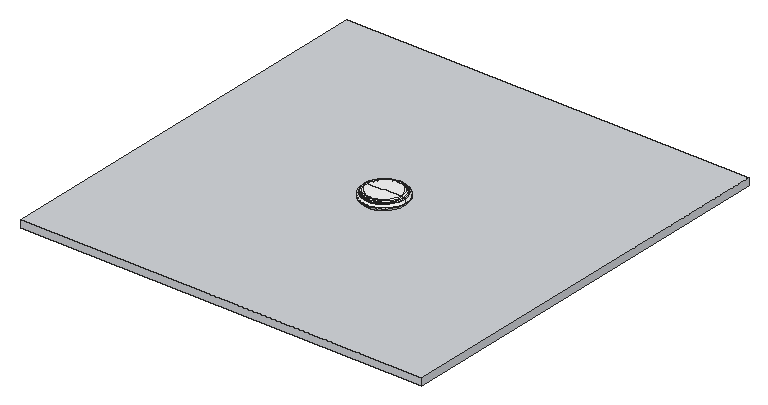
Revit family "Thorn KATONA Round", category Lighting Fixtures, host Face, Revit 2016
Family settings
  Host = Face
  Part Type = Normal
  Round Connector Dimension = Use Diameter
  OmniClass Number = 23.80.70.11
  OmniClass Title = Luminaries for Internal Lighting
  Cut with Voids When Loaded = No
  Light Source = Yes
  Shared = No
  Room Calculation Point = No
Parameters (values of type "KAT RD 1400lm")
  Width = 307 mm  # constant formula
  Wattage Comments = ""
  Wattage = 9.42495 W
  built-in parameter 1150110 = 1 (stored number, unit not read)
  Voltage = 230 V
  URL = "www.thornlighting.com/96629366"
  Type Comments = "© Thorn. We reserve the right to make technical changes without prior notice."  # constant formula
  built-in parameter 1114217 = 1 (stored number, unit not read)
  Tilt Angle = -90.00°
  built-in parameter 1150109 = 1 (stored number, unit not read)
  built-in parameter 1150134 = 12
  built-in parameter 1150113 = 1 (stored number, unit not read)
  Side Entry [instance] = no
  Security Collar [instance] = no
  Photometric Web File = "TLG_SP_0043598.IES"
  Offset [instance] = if(Side Entry, 21 mm, 0 mm)  # 0 mm
  No Side Entry [instance] = not(Side Entry)  # yes
  Model = "96629366"
  Manufacturer = "Thorn Lighting"  # constant formula
  built-in parameter 1150105 = 502.04 (stored number, unit not read)
  Lumens = 1400 lm
  built-in parameter 1150115 = 1 (stored number, unit not read)
  built-in parameter 1150137 = (empty or 0)
  built-in parameter 1150139 = (empty or 0)
  Length = 307 mm  # constant formula
  built-in parameter 1150112 = 1 (stored number, unit not read)
  built-in parameter 1150114 = 1 (stored number, unit not read)
  Lamp = "LED"
  built-in parameter 1150132 = 2
  built-in parameter 1150102 = (empty or 0)
  built-in parameter 1150107 = 4000 (stored number, unit not read)
  built-in parameter 1150138 = (empty or 0)
  built-in parameter 1150106 = 5.0204 (stored number, unit not read)
  Height = 58 mm  # constant formula
  Emit from Circle Diameter = 230 mm  # constant formula
  Emit Shape Visible in Rendering = no
  built-in parameter 1150104 = 13.8 (stored number, unit not read)
  Dimming Lamp Color Temperature Shift = <None>
  Description = "Round wall mounted LED"  # constant formula
  Default Elevation = 0 mm
  Cover = Thorn_PMMA
  Color Filter = 16777215
  Body = Thorn_Metal_White
  built-in parameter 1114218 = 1 (stored number, unit not read)
  built-in parameter 1150133 = 10 (stored number, unit not read)
  Assembly Code = "D5020200"
  Apparent Load = 11.7 VA
Types (3, lengths in mm): name | Wattage | URL | Photometric Web File | Model | built-in parameter 1150105 | Lumens | built-in parameter 1150106 | Apparent Load
  KAT RD 1000lm | 6.7321 W | "www.thornlighting.com/96629365" | "TLG_SP_0043596.IES" | "96629365" | 358.6 (stored number, unit not read) | 1000 lm | 3.586 (stored number, unit not read) | 8.3 VA
  KAT RD 1400lm | 9.42495 W | "www.thornlighting.com/96629366" | "TLG_SP_0043598.IES" | "96629366" | 502.04 (stored number, unit not read) | 1400 lm | 5.0204 (stored number, unit not read) | 11.7 VA
  KAT RD 2000lm | 13.1276 W | "www.thornlighting.com/96629367" | "TLG_SP_0043600.IES" | "96629367" | 699.27 (stored number, unit not read) | 1950 lm | 6.9927 (stored number, unit not read) | 16.3 VA
Reference planes
  plane 1 "Center (Front/Back)": y = 0
  plane 2 "Top": z = 0
  plane 3 "Center (Left/Right)": x = 399.5
  plane 4: y = 153.5
  plane 5 "Bottom": y = -153.5
  plane 6 "Left": x = 246
  plane 7 "Right": x = 553
  plane 8 "Cover": z = 58
  plane 9 "Back": z = 2.53
  plane 10: z = 47
  plane 11: z = 58
  plane 12: y = 27.5
  plane 13: y = -27.5
  plane 14: x = 256
Forms (mm)
  Extrusion 1, solid
    sketch origin (0, 0, 0) x (1, 0, 0) y (0, 1, 0)
      loop
        line (-1010.5, 1431.145) -> (-1010.5, -1431.145) -> (1809.5, -1431.145) -> (1809.5, 1431.145) -> (-1010.5, 1431.145)
    from 0 to -52.502
  Extrusion 2, solid, material "Thorn_Metal_White" <- "Body", visible <- "No Side Entry"
    sketch origin (0, 0, 0) x (1, 0, 0) y (0, 1, 0)
      loop
        circle (331, -68.5) r 10
      loop
        circle (468, -68.5) r 10
      loop
        circle (331, 68.5) r 10
      loop
        circle (468, 68.5) r 10
    from 0 to 2.5
  Revolve 3, solid, material "Thorn_Metal_White" <- "Body", visible <- "No Side Entry"
    sketch origin (0, 0, 0) x (1, 0, 0) y (0, 0, 1)
      loop
        line (399.5, 2.53) -> (399.5, 58)
        arc (399.5, 58) -> (342.233, 57.52) -> (284.982, 56.081) r 3417.702
        arc (284.982, 56.081) -> (281.067, 55.639) -> (277.269, 54.587) r 25
        line (277.269, 54.587) -> (267.152, 50.905)
        arc (267.152, 50.905) -> (266.155, 50.253) -> (265.212, 49.524) r 15
        line (265.212, 49.524) -> (260.154, 45.279) -> (260.154, 42.756) -> (257.146, 42.756) -> (246, 26.837) -> (246, 21.928)
        arc (246, 21.928) -> (254.078, 10.608) -> (265.398, 2.53) r 42.19
        line (265.398, 2.53) -> (399.5, 2.53)
      axis (399.5, 58) -> (399.5, 2.53)
    angle from 0 to 360
  Revolve 4, solid, material "Thorn_Metal_White" <- "Body", visible <- "Security Collar"
    sketch origin (0, 0, 0) x (1, 0, 0) y (0, 0, 1)
      loop
        line (246, 26.837) -> (227.208, 0) -> (265.398, 0) -> (265.398, 2.53)
        arc (265.398, 2.53) -> (254.078, 10.608) -> (246, 21.928) r 42.19
        line (246, 21.928) -> (246, 26.837)
      axis (399.5, 26.837) -> (399.5, 0)
    angle from 0 to 360
  Revolve 5, solid, material "Thorn_Metal_White" <- "Body", visible <- "Side Entry"
    sketch origin (0, 0, 20.163) x (1, 0, 0) y (0, 0, 1)
      loop
        line (265.212, 49.524) -> (260.154, 45.279) -> (260.154, 42.756) -> (257.146, 42.756) -> (246, 26.837) -> (399.5, 26.837) -> (399.5, 58)
        arc (399.5, 58) -> (342.233, 57.52) -> (284.982, 56.081) r 3417.702
        arc (284.982, 56.081) -> (281.067, 55.639) -> (277.269, 54.587) r 25
        line (277.269, 54.587) -> (267.152, 50.905)
        arc (267.152, 50.905) -> (266.155, 50.253) -> (265.212, 49.524) r 15
      axis (399.5, 58) -> (399.5, 26.837)
    angle from 0 to 360
  Revolve 6, solid, material "Thorn_Metal_Dark_Grey", visible <- "Side Entry"
    sketch origin (0, 0, 0) x (1, 0, 0) y (0, 0, 1)
      loop
        line (399.5, 47) -> (246, 47)
        arc (246, 47) -> (229.705, 24.219) -> (215.635, 0) r 296.13
        line (215.635, 0) -> (399.5, 0) -> (399.5, 47)
      axis (399.5, 47) -> (399.5, 0)
    angle from 0 to 360
  Extrusion 7, void
    sketch origin (0, 0, 0) x (1, 0, 0) y (0, 1, 0)
      loop
        line (256, 27.5) -> (197.784, 27.5) -> (197.784, -27.5) -> (256, -27.5) -> (256, 27.5)
      loop
        line (543, 27.5) -> (543, -27.5) -> (601.216, -27.5) -> (601.216, 27.5) -> (543, 27.5)
    from 0 to 44
Cuts and joins
  Extrusion 7 cuts Revolve 6
Dimensions and locks
  "Length": plane 6 "Left" to plane 7 "Right"
  equal spacing: plane 6 "Left", plane 3 "Center (Left/Right)", plane 7 "Right"
  "Height": plane 8 "Cover" to plane 2 "Top"
  equal spacing: plane 5 "Bottom", plane 1 "Center (Front/Back)", plane 4
  "Width": plane 5 "Bottom" to plane 4
  locked: plane 9 "Back" to plane 2 "Top" at 2.53
  plane 2 "Top" to plane 10 = 47 mm
  "Offset": plane 11 to plane 8 "Cover"
  aligned and locked: Extrusion 1 to plane 2 "Top"
  aligned and locked: plane 11 to imposter light
Automatic sketch dimensions
  Extrusion 1 sketch curve to Extrusion 1 sketch curve = 2820 mm
  Extrusion 1 sketch curve to Extrusion 1 sketch curve = 2862.29 mm
  Revolve 3 sketch curve to plane 6 "Left" = 0 mm
  Revolve 3 sketch curve to plane 9 "Back" = 0 mm
  plane 3 "Center (Left/Right)" to Revolve 3 sketch curve = 0 mm  (x2)
  Revolve 3 sketch curve to plane 8 "Cover" = 0 mm
  plane 6 "Left" to Revolve 3 sketch curve = 11.146 mm
  Revolve 3 sketch curve to Revolve 3 sketch curve = 3.007 mm
  Revolve 3 sketch curve to Revolve 3 sketch curve = 5.058 mm
  Revolve 3 sketch curve to plane 8 "Cover" = 7.095 mm
  Revolve 3 sketch curve to Revolve 3 sketch curve = 1.94 mm
  Revolve 3 sketch curve to level = 3359.702 mm
  level to Revolve 3 sketch curve = 21.928 mm
  Revolve 3 sketch curve to Revolve 3 sketch curve = 4.909 mm
  Revolve 3 sketch curve to Revolve 3 sketch curve = 9.346 mm
  Revolve 3 sketch curve to Revolve 3 sketch curve = 2.408 mm
  Revolve 3 sketch curve to Revolve 3 sketch curve = 6.768 mm
  Revolve 3 sketch curve to Revolve 3 sketch curve = 2.524 mm
  Revolve 3 sketch curve to plane 8 "Cover" = 3.413 mm
  Revolve 3 sketch curve to level = 27.47 mm
  Revolve 3 sketch curve to Revolve 3 sketch curve = 55 mm
  Revolve 4 sketch curve to level = 0 mm
  Revolve 4 sketch curve to plane 6 "Left" = 0 mm
  Revolve 4 sketch curve to plane 9 "Back" = 0 mm
  plane 3 "Center (Left/Right)" to Revolve 4 sketch curve = 0 mm
  Revolve 4 sketch curve to plane 6 "Left" = 18.792 mm
  level to Revolve 4 sketch curve = 21.928 mm
  Revolve 4 sketch curve to Revolve 4 sketch curve = 4.909 mm
  Revolve 4 sketch curve to level = 22.47 mm
  Revolve 4 sketch curve to Revolve 4 sketch curve = 70 mm
  Revolve 5 sketch curve to plane 6 "Left" = 0 mm
  plane 3 "Center (Left/Right)" to Revolve 5 sketch curve = 0 mm  (x2)
  plane 6 "Left" to Revolve 5 sketch curve = 11.146 mm
  Revolve 5 sketch curve to Revolve 5 sketch curve = 3.007 mm
  Revolve 5 sketch curve to Revolve 5 sketch curve = 5.058 mm
  Revolve 5 sketch curve to Revolve 5 sketch curve = 1.94 mm
  Revolve 5 sketch curve to level = 3339.539 mm
  Revolve 5 sketch curve to Revolve 5 sketch curve = 6.938 mm
  Revolve 5 sketch curve to Revolve 5 sketch curve = 4.723 mm
  Revolve 5 sketch curve to Revolve 5 sketch curve = 2.524 mm
  Revolve 5 sketch curve to Revolve 5 sketch curve = 4.244 mm
  Revolve 5 sketch curve to Revolve 5 sketch curve = 3.682 mm
  Revolve 5 sketch curve to plane 9 "Back" = 64.837 mm
  Revolve 5 sketch curve to plane 8 "Cover" = 65.307 mm
  Revolve 5 sketch curve to Revolve 5 sketch curve = 54.307 mm
  Revolve 5 sketch curve to Revolve 5 sketch curve = 4.258 mm
  Revolve 5 sketch curve to Revolve 5 sketch curve = 31.163 mm
  Extrusion 2 sketch curve to plane 3 "Center (Left/Right)" = 68.5 mm  (x2)
  plane 3 "Center (Left/Right)" to Extrusion 2 sketch curve = 68.5 mm  (x2)
  plane 6 "Left" to Revolve 3 sketch curve = 19.398 mm
  Revolve 3 sketch curve to Revolve 3 sketch curve = 9.642 mm
  Revolve 3 sketch curve to Revolve 3 sketch curve = 10.117 mm
  Revolve 3 sketch curve to plane 10 = 6.559 mm
  Revolve 3 sketch curve to Revolve 3 sketch curve = 1.909 mm
  plane 6 "Left" to Revolve 4 sketch curve = 19.398 mm
  Revolve 4 sketch curve to plane 10 = 6.559 mm
  Revolve 5 sketch curve to Revolve 5 sketch curve = 9.642 mm
  Revolve 5 sketch curve to Revolve 5 sketch curve = 10.117 mm
  Revolve 5 sketch curve to Revolve 5 sketch curve = 10.966 mm
  Extrusion 2 sketch curve to plane 1 "Center (Front/Back)" = 68.5 mm  (x2)
  plane 1 "Center (Front/Back)" to Extrusion 2 sketch curve = 68.5 mm  (x2)
  Revolve 6 sketch curve to plane 6 "Left" = 0 mm
  plane 3 "Center (Left/Right)" to Revolve 6 sketch curve = 0 mm  (x2)
  Revolve 6 sketch curve to plane 10 = 0 mm
  Revolve 6 sketch curve to plane 6 "Left" = 30.365 mm
  plane 7 "Right" to Revolve 6 sketch curve = 74.559 mm
  plane 8 "Cover" to Revolve 6 sketch curve = 29 mm
  Revolve 6 sketch curve to Revolve 6 sketch curve = 80 mm
  Revolve 6 sketch curve to level = 0 mm
  Extrusion 7 sketch curve to plane 12 = 0 mm  (x2)
  plane 13 to Extrusion 7 sketch curve = 0 mm  (x2)
  Extrusion 7 sketch curve to plane 14 = 0 mm
  Extrusion 7 sketch curve to plane 6 "Left" = 48.216 mm
  plane 7 "Right" to Extrusion 7 sketch curve = 10 mm
  Extrusion 7 sketch curve to plane 7 "Right" = 48.216 mm
  radius of Extrusion 2 sketch curve = 10 mm  (x4)
Connectors
  electrical at (399.5, 0, 2.53), driven by "Voltage", driven by "Apparent Load"
    settings: index 1, voltage 230 V, apparent load 11.7 VA, apparent load phase1 0 VA, apparent load phase2 0 VA, apparent load phase3 0 VA, power factor 1, load classification "Lighting", number of poles 1, system type 30, power factor state 1, is connector primary yes, connector utility no, sub classification motor no, connector description "Power"
